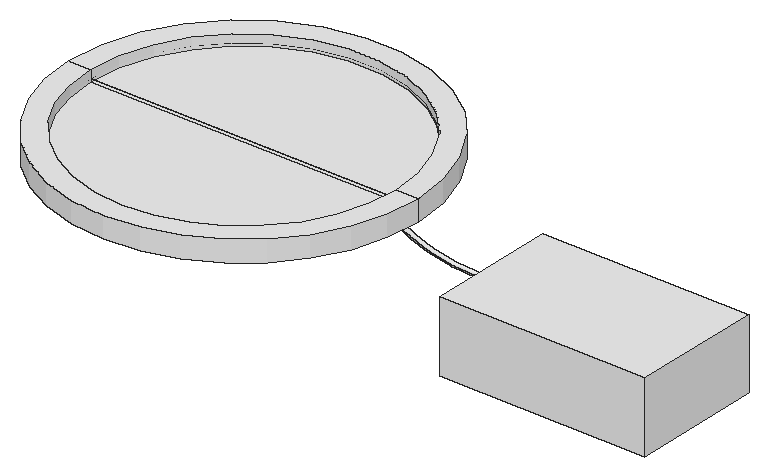
Revit family "LBSE-RD-RM", category Lighting Fixtures, host Face, Revit 2021
Family settings
  Host = Face
  Round Connector Dimension = Use Diameter
  Part Type = Normal
  OmniClass Number = 23.80.70.11.14.11
  OmniClass Title = Downlights
  Cut with Voids When Loaded = No
  Light Source = Yes
  Shared = Yes
  Room Calculation Point = No
Parameters (values of type "LBSE-8RD-RM")
  Width = 8.00"
  Wattage Comments = ""
  Wattage = 25 W
  Warranty = "Five years warranty"  # constant formula
  built-in parameter 1150110 = 1 (stored number, unit not read)
  Voltage = if(Is 120V, 120 V, 277 V)  # 120 V
  URL = "https://www.currentlighting.com/prescolite"
  Type Comments = "Light Fixture"  # constant formula
  built-in parameter 1114217 = 1 (stored number, unit not read)
  Tilt Angle = -90.00°
  built-in parameter 1150109 = 1 (stored number, unit not read)
  built-in parameter 1150134 = (empty or 0)
  built-in parameter 1150113 = 1 (stored number, unit not read)
  Product Page URL = ""
  Product Material = Paint - White
  Product Documentation Link = ""
  Photometric Web Link = ""
  Photometric Web File = "LBSE-8RD-RM-30K8.ies"
  Photometric Notes = "More IES files download on Photometric Web Link"  # constant formula
  Model = "LBSE-RD-RM"  # constant formula
  Manufacturer = "Prescolite"  # constant formula
  built-in parameter 1150105 = 175.07 (stored number, unit not read)
  Lumens = 2200 lm
  built-in parameter 1150115 = 1 (stored number, unit not read)
  Load Classification = Lighting
  built-in parameter 1150137 = (empty or 0)
  built-in parameter 1150139 = (empty or 0)
  built-in parameter 1150112 = 1 (stored number, unit not read)
  built-in parameter 1150114 = 1 (stored number, unit not read)
  Lamp = " LED's"  # constant formula
  Is 277V = not(Is 120V)  # no
  Is 120V = yes
  built-in parameter 1150132 = (empty or 0)
  built-in parameter 1150102 = (empty or 0)
  built-in parameter 1150107 = 3000 (stored number, unit not read)
  built-in parameter 1150138 = (empty or 0)
  built-in parameter 1150106 = 1.7507 (stored number, unit not read)
  Glass = White Glass
  Frequency = 60 Hz  # constant formula
  Features = "•\t4-inch 6-inch and 8-inch aperature, delivering 750-1750 lumens\r\n•\tLow surface profile of 1/2inch\r\n•\tQuick snap installation with no housing required\r\n•\tRemote Driver J-Box included\r\n•\tFixed CCT (3000K or 3500K, 80+ CRI) options\r\n•\tUniversal 120-277V, ideal for commercial applications\r\n•\tAll models standard with 0-10V/Triac/ELV dimming\r\n•\tLong life L80 at 54,000 hrs (TM-21)\r\n•\tFive year warranty\r\n"  # constant formula
  Emit from Circle Diameter = 7.50"
  Emit Shape Visible in Rendering = yes
  built-in parameter 1150104 = 8.1755 (stored number, unit not read)
  Dimming Lamp Color Temperature Shift = <None>
  Description = "LITEBOX® Edge-Lit Round Fixed CCT Downlight w/Remote J-Box"  # constant formula
  Default Elevation = 48.00"
  Copyright = "© Prescolite"  # constant formula
  Contact Us = ""
  Connector Description = "Lighting Connector"  # constant formula
  Color Filter = 16777215
  Certifications = "cETLus listed to UL 1598\r\n• Can be used in direct contact with insulation\r\n(IC Rated)\r\n• Suitable for wet locations, covered ceiling\r\n• Certified Air Tight per ASTM E283\r\n• Suitable for use in clothes closets when\r\ninstalled in accordance to N.E.C. 410.16\r\n• ENERGY STAR® certified\r\n• EM Accessory: ETL Listed to UL 924\r\n(for use with LiteBox® Edge-lit Remote\r\nMount models only"  # constant formula
  built-in parameter 1114218 = 1 (stored number, unit not read)
  built-in parameter 1150133 = 10 (stored number, unit not read)
  Apparent Load = 52 VA
Types (4): name | Width | Photometric Web File | Emit from Circle Diameter
  (no name) | 8.00" | "LBSE-8RD-RM-30K8.ies" | 7.50"
  LBSE-4RD-RM | 4.16016" | "LBSE-4RD-RM-30K8.ies" | 3.00"
  LBSE-6RD-RM | 6.00" | "LBSE-6RD-RM-30K8.ies" | 5.00"
  LBSE-8RD-RM | 8.00" | "LBSE-8RD-RM-30K8.ies" | 7.50"
Reference planes (in)
  plane 1 "Center (Front/Back)": y = 0
  plane 2: z = 0
  plane 3 "Center (Left/Right)": x = 0
  plane 4: y = 3
  plane 5: y = -3
  plane 6: y = 2
  plane 7: y = -2
  plane 8: x = -4
  plane 9: x = 4
  plane 10: z = 0.48047
  plane 11: z = 1.41016
  plane 12: x = 3.5
Forms (in)
  Revolve 1, solid, material "Paint - White" <- "Product Material"
    sketch origin (0, 0, 0) x (1, 0, 0) y (0, 0, 1)
      loop
        line (0, 0) -> (4, 0) -> (4, 0.48047) -> (3.5, 0.48047) -> (3.5, 0.23047) -> (0, 0.23047) -> (0, 0)
      axis (0, 0.48047) -> (0, 0)
    angle from 0 to 360
  Revolve 2, solid, material "White Glass" <- "Glass"
    sketch origin (0, 0, 0) x (1, 0, 0) y (0, 0, 1)
      loop
        line (0, 0.23047) -> (3.5, 0.23047) -> (3.5, 0.30213) -> (0, 0.30213) -> (0, 0.23047)
      axis (0, 0.30213) -> (0, 0.23047)
    angle from 0 to 360
  Extrusion 3, solid, material "Paint - White" <- "Product Material"
    sketch origin (0, 0, 0) x (1, 0, 0) y (0, 1, 0)
      loop
        line (-1.21198, -1.31071) -> (1.13802, -1.31071) -> (1.13802, 1.275) -> (-1.21198, 1.275) -> (-1.21198, -1.31071)
    from -1 to 0
  Sweep 4, solid, material "Paint - White" <- "Product Material"
    path origin (0, 0, 0) x (1, 0, 0) y (0, 1, 0)
      loop
        spline (1.13802, 0) -> (1.57667, 0.39011) -> (1.95174, 0.62728) -> (2.27859, 0.73845) -> (2.5726, 0.75054) -> (2.84914, 0.69049) -> (3.12356, 0.58523) -> (3.4116, 0.45933) -> (3.7304, 0.32784) -> (4.09745, 0.20346) -> (4.53024, 0.09889) -> (5.04626, 0.02684) -> (5.66302, 0)
    profile origin (3.12356, 0.58523, 0) x (0.392592, 0.919713, 0) y (0, 0, 1)
      loop
        circle (0, -0.625) r 0.05
  Extrusion 5, solid, material "Paint - White" <- "Product Material"
    sketch origin (0, 0, 0.6875) x (1, 0, 0) y (0, 1, 0)
      loop
        line (5.66302, 1.475) -> (5.66302, -1.475) -> (10.36302, -1.475) -> (10.36302, 1.475) -> (5.66302, 1.475)
    from -2.61 to -1
Dimensions and locks (in)
  "Width": plane 9 to plane 8
  equal spacing: plane 9, plane 3 "Center (Left/Right)", plane 8
  locked: plane 9 to plane 12 at 0.5
  aligned and locked: plane 2 to host face
  aligned and locked: level to host face
  aligned and locked: Revolve 1 sketch curve to plane 3 "Center (Left/Right)"
  aligned and locked: plane 9 to Revolve 1 sketch curve
  aligned and locked: Revolve 1 sketch curve to plane 12
  aligned and locked: Revolve 1 sketch curve to plane 10
Automatic sketch dimensions
  host sketch curve to host sketch curve = 96.00"  (x2)
  Revolve 1 sketch curve to level = 0.00"
  Revolve 1 sketch curve to plane 3 "Center (Left/Right)" = 0.00"
  level to Revolve 1 sketch curve = 0.23047"
  Revolve 1 sketch curve to level = 24.00"
  Revolve 1 sketch curve to plane 11 = 26.23402"
  Revolve 2 sketch curve to plane 3 "Center (Left/Right)" = 0.00"  (x2)
  Revolve 2 sketch curve to plane 12 = 0.00"
  level to Revolve 2 sketch curve = 0.23047"
  Revolve 2 sketch curve to Revolve 2 sketch curve = 0.07167"
  Revolve 2 sketch curve to level = 24.00"
  Revolve 2 sketch curve to plane 11 = 26.23402"
  plane 6 to Extrusion 3 sketch curve = 0.725"
  Extrusion 3 sketch curve to plane 3 "Center (Left/Right)" = 1.21198"
  plane 3 "Center (Left/Right)" to Extrusion 3 sketch curve = 1.13802"
  Extrusion 3 sketch curve to plane 7 = 0.68929"
  Sweep 4 sketch curve to profile plane = 0.00"
  Sweep 4 sketch curve to level = 0.625"
  Extrusion 5 sketch curve to plane 7 = 0.525"
  plane 9 to Extrusion 5 sketch curve = 1.66302"
  Extrusion 5 sketch curve to Extrusion 5 sketch curve = 4.70"
  plane 6 to Extrusion 5 sketch curve = 0.525"
  radius of Sweep 4 sketch curve = 0.05"
Connectors (in)
  electrical at (0, 0, 0), driven by "Connector Description", driven by "Voltage", driven by "Apparent Load", driven by "Load Classification"
    settings: on host face, index 1, voltage 120 V, apparent load 52 VA, apparent load phase1 0 VA, apparent load phase2 0 VA, apparent load phase3 0 VA, power factor 0.9, load classification "Lighting", number of poles 1, system type 30, power factor state 1, is connector primary yes, connector utility no, sub classification motor no, connector description "Lighting Connector"
